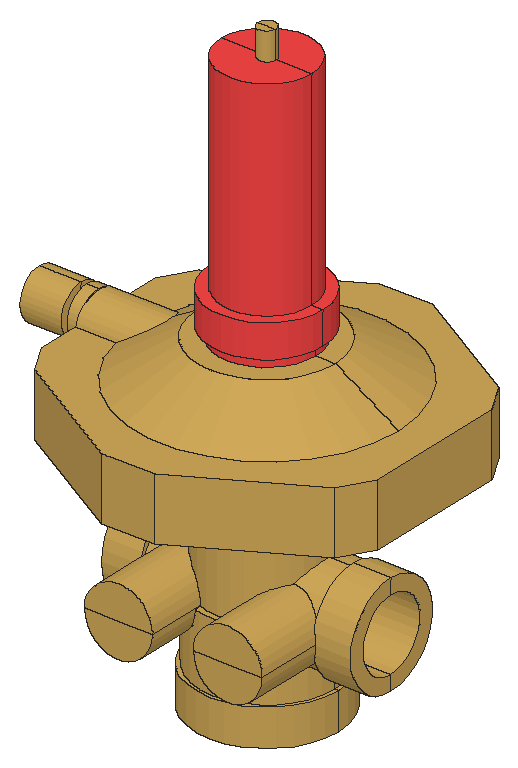
Revit family "Differenzdruckregler 4202 45-80kPa", category Rohrzubehör, Revit 2021
Family settings
  Bemaßung runder Anschluss = Durchmesser verwenden
  Teiletyp = Unterbricht
  OmniClass-Nummer = 23.65.55.14
  OmniClass-Titel = Valves for Liquid Services
  Arbeitsebenenbasiert = Nein
  Immer vertikal = Ja
  Beim Laden mit Abzugskörper schneiden = Nein
  Gemeinsam genutzt = Nein
Parameters (values of type "Ohne Dämmung")
  y2 [instance] = K14 + K9 + H01  # 49.149 mm
  y1 [instance] = (R03 * 2) + R05  # 66.000 mm
  Vorgabe-Ansicht = 0.000 mm
  PN = 25  # constant formula
  Min. Betriebstemperatur (Frostschutz) = -20 °C  # constant formula
  Max. zulässige Betriebstemperatur bis DN32 = 130 °C  # constant formula
  Max. zulässige Betriebstemperatur DN40 - DN50 = 110 °C  # constant formula
  Max. Differenzdruck am Gehäuse = 400000.0 Pa  # constant formula
  Max. Betriebsdruck = 25.0 Pa  # constant formula
  Ventilschaft = "Edelstahl 14301"  # constant formula
  URL = "www.herz-armaturen.at"
  SCRNSEQ = "ARM;ARM_TYP=\"DIFR\";2"
  SCRNCODE = "05;03;4"  # constant formula
  S06 [instance] = 1.000 mm  # constant formula
  S05 [instance] = S01 - 1.000 mm  # 16.250 mm
  S04 [instance] = S02 - 1.000 mm  # 18.000 mm
  S03 [instance] = size_lookup("4202 45-80kPa", "S03", 26.500 mm, Nennweite)  # 25.600 mm
  S02 [instance] = size_lookup("4202 45-80kPa", "S02", 19.000 mm, Nennweite)  # 19.000 mm
  S01 [instance] = size_lookup("4202 45-80kPa", "S01", 17.250 mm, Nennweite)  # 17.250 mm
  Regleranschlussmutter = "Messing CW614N"  # constant formula
  Regelbereich = "45 - 80kPa"  # constant formula
  R06 [instance] = size_lookup("4202 45-80kPa", "R06", 14.500 mm, Nennweite)  # 14.500 mm
  R05 [instance] = size_lookup("4202 45-80kPa", "R05", 46.000 mm, Nennweite)  # 46.000 mm
  R04 [instance] = size_lookup("4202 45-80kPa", "R04", 12.500 mm, Nennweite)  # 12.500 mm
  R03 [instance] = size_lookup("4202 45-80kPa", "R03", 10.000 mm, Nennweite)  # 10.000 mm
  R02 = 14.500 mm  # constant formula
  R01 [instance] = size_lookup("4202 45-80kPa", "R01", 12.500 mm, Nennweite)  # 12.500 mm
  Min. Betriebstemperatur (reines Wasser) = 2 °C  # constant formula
  O-Ringe = "EPDM"  # constant formula
  Nennweite [instance] = 15.000 mm
  Membrangehäuse = "Messing CW602N"  # constant formula
  Membrane = "EPDM"  # constant formula
  Medium = "Wasserbeschaffenheit nach ÖNORM H 5195 und VDI 2035\r\nDie Verwendung von Ethylen- und Propylenglykol ist im\r\nMischungsverhältnis 25 - 50 Vol.-% zulässig."
  L2 [instance] = size_lookup("4202 45-80kPa", "L2", 161.000 mm, Nennweite)  # 161.000 mm
  L [instance] = size_lookup("4202 45-80kPa", "L", 66.000 mm, Nennweite)  # 66.000 mm
  K9 = 4.000 mm  # constant formula
  K8 = 55.000 mm  # constant formula
  K7 = 8.700 mm  # constant formula
  K6 = 11.700 mm  # constant formula
  K5 = 13.000 mm  # constant formula
  K4 = 12.000 mm  # constant formula
  K3 = 15.000 mm  # constant formula
  K2 = 2.350 mm  # constant formula
  K18 = 89.000 mm  # constant formula
  K17 = 66.700 mm  # constant formula
  K16 = 3.000 mm  # constant formula
  K15 = 26.649 mm  # constant formula
  K14 = 16.649 mm  # constant formula
  K13 = 16.649 mm  # constant formula
  K12 = 10.000 mm  # constant formula
  K11 = 35.000 mm  # constant formula
  K10 = 18.250 mm  # constant formula
  K1.1 = 2.350 mm  # constant formula
  K1 = 7.651 mm  # constant formula
  J9 = 15.700 mm  # constant formula
  J8 = 7.850 mm  # constant formula
  J7 = 15.897 mm  # constant formula
  J6 = 3.900 mm  # constant formula
  J5 = 6.500 mm  # constant formula
  J4 = 1.500 mm  # constant formula
  J3 = 3.200 mm  # constant formula
  J2 = 11.000 mm  # constant formula
  J11 = 3.500 mm  # constant formula
  J10 = 18.897 mm  # constant formula
  J1 = 6.500 mm  # constant formula
  Hersteller = "HERZ-Armaturen Ges.m.b.H"  # constant formula
  H2 [instance] = size_lookup("4202 45-80kPa", "H2", 28.000 mm, Nennweite)  # 28.000 mm
  H1 [instance] = K1 + K2 + K3 + K4 + K5 + K7 + K8 + K16 + 16.650 mm  # 133.351 mm
  H04 = 4.000 mm  # constant formula
  H03 = 9.800 mm  # constant formula
  H02 [instance] = size_lookup("4202 45-80kPa", "H02", 53.000 mm, Nennweite)  # 53.000 mm
  H01 [instance] = size_lookup("4202 45-80kPa", "H01", 25.000 mm, Nennweite)  # 28.500 mm
  Gehäuse = "DZR Messing CC770S"  # constant formula
  G03 [instance] = size_lookup("4202 45-80kPa", "G03", 13.200 mm, Nennweite)  # 13.200 mm
  G02 [instance] = size_lookup("4202 45-80kPa", "G02", 9.500 mm, Nennweite)  # 9.500 mm
  G01 [instance] = size_lookup("4202 45-80kPa", "G01", 13.500 mm, Nennweite)  # 13.500 mm
  Einstellspindel = "Messing CW614N"  # constant formula
  Hinweise zum Material = "Gemäß Art 33 der REACH-Verordnung (EG Nr. 1907/2006) sind wir verpflichtet, darauf hinzuweisen,\r\ndass der Stoff Blei auf der SVHC-Liste geführt wird und dass alle aus Messing bestehenden Bauteile,\r\ndie in unseren Erzeugnissen verarbeitet sind, mehr als 0,1 % (w/w) Blei (CAS: 7439-92-1 / EINECS:\r\n231-100-4) enthalten. Da Blei als Legierungsbestandteil fest gebunden ist, sind keine Expositionen zu\r\nerwarten und daher sind keine zusätzlichen Angaben zur sicheren Verwendung notwendig.\r\n\r\nIm Hanf enthaltenes Ammoniak schädigt\r\nMessingventilgehäuse, EPDM Dichtungen werden durch\r\nMineralöle bzw. mineralölhaltige Schmierstoffe aufgequollen\r\nund führen somit zum Ausfall der EPDM-Dichtungen. Für\r\nFrost- und Korrosionsschutzmittel auf der Basis von Ethylen- und Propylenglykol sind die entsprechenden\r\nAngaben den Unterlagen des Herstellers zu entnehmen."
  Dämmung = no
  Dämmschale = "EPP (expandiertes Polypropylen)"  # constant formula
  Druckfeder = "Federstahl 14310 NS"  # constant formula
  DN50 [instance] = Nennweite = 50.000 mm  # no
  DN40 [instance] = Nennweite = 40.000 mm  # no
  DN32-40 [instance] = or(Nennweite = 32.000 mm, Nennweite = 40.000 mm)  # no
  DN32 [instance] = Nennweite = 32.000 mm  # no
  DN25,32,40 [instance] = or(Nennweite = 25.000 mm, Nennweite = 32.000 mm, Nennweite = 40.000 mm)  # no
  DN25 [instance] = Nennweite = 25.000 mm  # no
  DN20 [instance] = Nennweite = 20.000 mm  # no
  DN15-25 [instance] = or(Nennweite = 15.000 mm, Nennweite = 20.000 mm, Nennweite = 25.000 mm)  # yes
  DN15,20,50 [instance] = or(Nennweite = 15.000 mm, Nennweite = 20.000 mm, Nennweite = 50.000 mm)  # yes
  DN15 [instance] = Nennweite = 15.000 mm  # yes
  D07 [instance] = if(Nennweite = 15.000 mm, 32.500 mm, if(Nennweite = 20.000 mm, 33.500 mm, if(Nennweite = 25.000 mm, 33.500 mm, if(Nennweite = 32.000 mm, 49.500 mm, if(Nennweite = 40.000 mm, 59.500 mm, if(Nennweite = 50.000 mm, 59.500 mm, 0.000 mm))))))  # 32.500 mm
  D06 [instance] = if(Nennweite = 15.000 mm, 32.500 mm, if(Nennweite = 20.000 mm, 33.500 mm, if(Nennweite = 25.000 mm, 33.500 mm, if(Nennweite = 32.000 mm, 49.500 mm, if(Nennweite = 40.000 mm, 59.500 mm, if(Nennweite = 50.000 mm, 59.500 mm, 0.000 mm))))))  # 32.500 mm
  D05 [instance] = if(Nennweite = 15.000 mm, 36.750 mm, if(Nennweite = 20.000 mm, 40.700 mm, if(Nennweite = 25.000 mm, 49.200 mm, if(Nennweite = 32.000 mm, 54.150 mm, if(Nennweite = 40.000 mm, 60.750 mm, if(Nennweite = 50.000 mm, 72.700 mm, 0.000 mm))))))  # 36.750 mm
  D04 [instance] = if(Nennweite = 15.000 mm, 78.500 mm, if(Nennweite = 20.000 mm, 82.000 mm, if(Nennweite = 25.000 mm, 84.000 mm, if(Nennweite = 32.000 mm, 120.000 mm, if(Nennweite = 40.000 mm, 130.000 mm, if(Nennweite = 50.000 mm, 130.500 mm, 0.000 mm))))))  # 78.500 mm
  D03 [instance] = if(Nennweite = 15.000 mm, 96.000 mm, if(Nennweite = 20.000 mm, 110.000 mm, if(Nennweite = 25.000 mm, 112.000 mm, if(Nennweite = 32.000 mm, 152.000 mm, if(Nennweite = 40.000 mm, 170.000 mm, if(Nennweite = 50.000 mm, 179.000 mm, 0.000 mm))))))  # 96.000 mm
  D02 [instance] = size_lookup("4202 45-80kPa", "R05", 41.000 mm, Nennweite)  # 46.000 mm
  D01 [instance] = size_lookup("4202 45-80kPa", "G01", 13.220 mm, Nennweite)  # 13.500 mm
  Bestellnummer Dämmung [instance] = if(and(Dämmung, Nennweite = 15.000 mm), 1409611, if(and(Dämmung, Nennweite = 20.000 mm), 1409612, if(and(Dämmung, Nennweite = 25.000 mm), 1409613, if(and(Dämmung, Nennweite = 32.000 mm), 1409614, if(and(Dämmung, Nennweite = 40.000 mm), 1409615, if(and(Dämmung, Nennweite = 50.000 mm), 1409616, 0))))))  # 0
  Bestellnummer [instance] = if(Nennweite = 15.000 mm, 1420271, if(Nennweite = 20.000 mm, 1420272, if(Nennweite = 25.000 mm, 1420273, if(Nennweite = 32.000 mm, 1420274, if(Nennweite = 40.000 mm, 1420275, if(Nennweite = 50.000 mm, 1420276, 0))))))  # 1420271
  B2 [instance] = size_lookup("4202 45-80kPa", "B2", 31.000 mm, Nennweite)  # 31.000 mm
  B1 [instance] = size_lookup("4202 45-80kPa", "B1", 26.000 mm, Nennweite)  # 26.000 mm
  B04 = 100.649 mm  # constant formula
  B03 = 44.500 mm  # constant formula
  B02 = 104.688 mm  # constant formula
  B01 = 10.000 mm  # constant formula
  Anzeigehülse = "Kunststoff (Rot)"  # constant formula
  Anwendungsgebiet = "Der Differenzdruckregler ist ein Regler mit linearer Kennlinie in Geradsitzausführung und arbeitet ohne\r\nHilfsenergie. Der gewünschte Differenzdruck-Sollwert kann zwischen 5 und 30 kPa; 25 und 60 kPa bzw.\r\n45 und 80 kPa stufenlos eingestellt werden. Der eingestellte Wert ist mit Hilfe des Einstelldiagrammes\r\nablesbar. Werksseitig ist der Sollwert auf Minimum eingestellt. Der erforderliche Sollwert wird mit dem\r\nEinstellwerkzeug (1 4006 02) eingestellt. Im Lieferumfang enthalten ist die Impulsleitung (1000 mm),\r\ndiese ist im Vorlauf einzubinden."
  Anschlussnippel = "Messing CW602N"  # constant formula
Types (2, lengths in mm): name | Dämmung | Bestellnummer Dämmung
  Ohne Dämmung | no | 0
  Mit Dämmung | yes | 1409611
Reference planes
  plane 1 "Mitte (Vorne/hinten)": y = 0
  plane 2: z = 0
  plane 3 "Mitte (Links/rechts)": x = 0
Forms (mm)
  Revolve 1, solid, material "Messing, weicher Gelbton, geschweißt", detail levels fine
    sketch origin (0, 0, 0) x (1, 0, 0) y (0, 0, 1)
      loop
        line (-19.8, 0) -> (19.8, 0) -> (19.8, 9.5) -> (33, 9.5) -> (33, 13.5) -> (23, 13.5) -> (23, 12.5) -> (-23, 12.5) -> (-23, 13.5) -> (-33, 13.5) -> (-33, 9.5) -> (-19.8, 9.5) -> (-19.8, 0)
      axis (-33, 0) -> (33, 0)
    angle from 0 to 360
  Revolve 2, solid, material "Messing, weicher Gelbton, geschweißt", detail levels fine
    sketch origin (0, 0, 0) x (1, 0, 0) y (0, 0, 1)
      loop
        line (0, -28) -> (0, 0) -> (-18, 0) -> (-18, -18.2) -> (-19, -18.2) -> (-19, -28) -> (0, -28)
      axis (0, 0) -> (0, -28)
    angle from 0 to 360
  Extrusion 3, solid, material "Messing, weicher Gelbton, geschweißt", detail levels fine
    sketch origin (0, 0, 0) x (0, -1, 0) y (1, 0, 0)
      loop
        line (-46, -7.038) -> (-27.114, -39.75) -> (-18.886, -44.5) -> (18.886, -44.5) -> (27.114, -39.75) -> (46, -7.038) -> (46, 7.038) -> (27.114, 39.75) -> (18.886, 44.5) -> (-18.886, 44.5) -> (-27.114, 39.75) -> (-46, 7.038) -> (-46, -7.038)
    from 32.5 to 49.149
  Revolve 4, solid, material "Messing, weicher Gelbton, geschweißt", detail levels fine
    sketch origin (0, 0, -7.051) x (1, 0, 0) y (0, 0, 1)
      loop
        line (0, 56.2) -> (0, 66.2) -> (-18.25, 66.2) -> (-35, 56.2) -> (0, 56.2)
      axis (0, 66.2) -> (0, 56.2)
    angle from 0 to 360
  Revolve 5, solid, material "Messing, weicher Gelbton, geschweißt", visible <- "DN15-25", detail levels fine
    sketch origin (-11, 0, 0) x (1, 0, 0) y (0, 1, 0)
      loop
        line (-1.5, 26) -> (-9.2, 26) -> (-9.2, 0) -> (-1.5, 0) -> (-1.5, 26)
      axis (-1.5, 0) -> (-1.5, 26)
    angle from 0 to 360
  Revolve 6, solid, material "Messing, weicher Gelbton, geschweißt", visible <- "DN15,20,50", detail levels fine
    sketch origin (-0.988, 0, -6.853) x (-1, 0, 0) y (0, 0, 1)
      loop
        line (43.5, 55.25) -> (59.2, 55.25) -> (59.2, 61.75) -> (48.2, 61.75) -> (48.2, 59.15) -> (46.7, 59.15) -> (46.7, 61.75) -> (43.5, 61.75) -> (43.5, 55.25)
      axis (43.5, 55.25) -> (59.2, 55.25)
    angle from 0 to 360
  Extrusion 7, solid, material "Messing, weicher Gelbton, geschweißt", visible <- "DN15,20,50", detail levels fine
    sketch origin (0, 0, 0) x (0, 1, 0) y (0, 0, -1)
      loop
        line (7.85, -47.047) -> (7.85, -36) -> (-7.85, -36) -> (-7.85, -47.047)
        arc (-7.85, -47.047) -> (0, -54.897) -> (7.85, -47.047) r 7.85
    from 0 to 44.5
  Revolve 8, solid, material "Kunsstoff rot", detail levels fine
    sketch origin (0, 0, 0) x (1, 0, 0) y (0, 0, 1)
      loop
        line (-12, 125.849) -> (-12, 70.849) -> (-15, 70.849) -> (-15, 62.149) -> (-13, 62.149) -> (-13, 59.149) -> (0, 59.149) -> (0, 125.849) -> (-12, 125.849)
      axis (0, 125.849) -> (0, 59.149)
    angle from 0 to 360
  Revolve 9, solid, material "Messing, weicher Gelbton, geschweißt", visible <- "DN15-25", detail levels fine
    sketch origin (-2, 0, 0) x (1, 0, 0) y (0, 1, 0)
      loop
        line (-12.5, 0) -> (-21.5, 0) -> (-21.5, -31) -> (-12.5, -31) -> (-12.5, 0)
      axis (-12.5, 0) -> (-12.5, -31)
    angle from 0 to 360
  Revolve 10, solid, material "Messing, weicher Gelbton, geschweißt", visible <- "DN15-25", detail levels fine
    sketch origin (2, 0, 0) x (1, 0, 0) y (0, 1, 0)
      loop
        line (12.5, 0) -> (12.5, -31) -> (21.6, -31) -> (21.6, 0) -> (12.5, 0)
      axis (12.5, 0) -> (12.5, -31)
    angle from 0 to 360
  Extrusion 11, solid, material "Messing, weicher Gelbton, geschweißt", visible <- "DN32", detail levels fine
    sketch origin (-31.5, 0, 0) x (1, 0, 0) y (0, 1, 0)
      loop
        circle (63, 0) r 6.578
      loop
        circle (63, 0) r 3.28
    from -47 to 0
  Extrusion 12, solid, material "Messing, weicher Gelbton, geschweißt", visible <- "DN32", detail levels fine
    sketch origin (31.5, 0, 0) x (-1, 0, 0) y (0, -1, 0)
      loop
        circle (63, 0) r 6.578
      loop
        circle (63, 0) r 3.28
    from -47 to 0
  Revolve 13, solid, material "Messing, weicher Gelbton, geschweißt", detail levels fine
    sketch origin (0, 0, 0) x (1, 0, 0) y (0, 0, 1)
      loop
        line (-16.25, 0) -> (0, 0) -> (0, 32.5) -> (-12.25, 32.5) -> (-12.25, 28.5) -> (-17.25, 28.5) -> (-17.25, 18.7) -> (-16.25, 18.7) -> (-16.25, 0)
      axis (0, 32.5) -> (0, 0)
    angle from 0 to 360
  Extrusion 14, solid, material "Messing, weicher Gelbton, geschweißt", visible <- "DN40", detail levels fine
    sketch origin (29.382, 0, 0) x (-1, 0, 0) y (0, -1, 0)
      loop
        circle (63, 0) r 6.578
      loop
        circle (63, 0) r 3.28
    from -58 to 0
  Extrusion 15, solid, material "Messing, weicher Gelbton, geschweißt", visible <- "DN40", detail levels fine
    sketch origin (-29.455, 0, 0) x (1, 0, 0) y (0, 1, 0)
      loop
        circle (63, 0) r 6.578
      loop
        circle (63, 0) r 3.28
    from -58 to 0
  Extrusion 16, solid, material "Messing, weicher Gelbton, geschweißt", visible <- "DN50", detail levels fine
    sketch origin (28.422, 0, 0) x (-1, 0, 0) y (0, -1, 0)
      loop
        circle (63, 0) r 6.578
      loop
        circle (63, 0) r 3.28
    from -58 to 0
  Extrusion 17, solid, material "Messing, weicher Gelbton, geschweißt", visible <- "DN50", detail levels fine
    sketch origin (-28.422, 0, 0) x (1, 0, 0) y (0, 1, 0)
      loop
        circle (63, 0) r 6.578
      loop
        circle (63, 0) r 3.28
    from -58 to 0
  Revolve 18, solid, material "Messing, weicher Gelbton, geschweißt", detail levels fine
    sketch origin (0, 0, 0) x (1, 0, 0) y (0, 0, 1)
      loop
        line (-2.35, 125.349) -> (0, 125.349) -> (0, 133) -> (-2.35, 133) -> (-2.35, 125.349)
      axis (0, 133) -> (0, 125.349)
    angle from 0 to 360
  Revolve 19, solid, material "Messing, weicher Gelbton, geschweißt", visible <- "DN32-40", detail levels fine
    sketch origin (-11, 0, 0) x (1, 0, 0) y (0, 1, 0)
      loop
        line (-1.5, -26) -> (-1.5, 0) -> (-9.2, 0) -> (-9.2, -26) -> (-1.5, -26)
      axis (-1.5, 0) -> (-1.5, -26)
    angle from 0 to 360
  Revolve 20, solid, material "Messing, weicher Gelbton, geschweißt", visible <- "DN25,32,40", detail levels fine
    sketch origin (0.988, 0, 20.147) x (1, 0, 0) y (0, 0, 1)
      loop
        line (43.5, 28.25) -> (59.2, 28.25) -> (59.2, 34.75) -> (48.2, 34.75) -> (48.2, 32.15) -> (46.7, 32.15) -> (46.7, 34.75) -> (43.5, 34.75) -> (43.5, 28.25)
      axis (43.5, 28.25) -> (59.2, 28.25)
    angle from 0 to 360
  Extrusion 21, solid, material "Messing, weicher Gelbton, geschweißt", visible <- "DN25", detail levels fine
    sketch origin (0, 0, 0) x (0, 1, 0) y (0, 0, 1)
      loop
        arc (7.85, 48.047) -> (0, 55.897) -> (-7.85, 48.047) r 7.85
        line (-7.85, 48.047) -> (-7.85, 37) -> (7.85, 37) -> (7.85, 48.047)
    from 0 to 44.5
  Extrusion 22, solid, material "Messing, weicher Gelbton, geschweißt", visible <- "DN32", detail levels fine
    sketch origin (0, 0, 0) x (0, 1, 0) y (0, 0, 1)
      loop
        arc (7.85, 64.047) -> (0, 71.897) -> (-7.85, 64.047) r 7.85
        line (-7.85, 64.047) -> (-7.85, 53) -> (7.85, 53) -> (7.85, 64.047)
    from 0 to 44.5
  Extrusion 23, solid, material "Messing, weicher Gelbton, geschweißt", visible <- "DN40", detail levels fine
    sketch origin (0, 0, 0) x (0, 1, 0) y (0, 0, 1)
      loop
        arc (7.85, 74.047) -> (0, 81.897) -> (-7.85, 74.047) r 7.85
        line (-7.85, 74.047) -> (-7.85, 63) -> (7.85, 63) -> (7.85, 74.047)
    from 0 to 44.5
  Revolve 24, solid, material "Kunststoff-Anthrazit/Schwarz", visible <- "Dämmung"
    sketch origin (0, 0, 0) x (1, 0, 0) y (0, 0, 1)
      loop
        line (0, -46) -> (36.75, -46) -> (36.75, 32.5) -> (0, 32.5) -> (0, -46)
      axis (0, 32.5) -> (0, -46)
    angle from 0 to 360
  Revolve 25, solid, material "Kunststoff-Anthrazit/Schwarz", visible <- "Dämmung"
    sketch origin (0, 0, 0) x (1, 0, 0) y (0, 0, 1)
      loop
        line (48, 32.5) -> (-48, 32.5) -> (-48, 13.5) -> (-23, 13.5) -> (-23, 0) -> (0, 0) -> (23, 0) -> (23, 13.5) -> (48, 13.5) -> (48, 32.5)
      axis (-48, 0) -> (48, 0)
    angle from 0 to 360
Lines and regions (mm)
  model lines, detail levels coarse+medium
    curve 1: line (33, -13.5, 0) -> (33, 13.5, 0)
    curve 2: line (33, 13.5, 0) -> (-33, -13.5, 0)
    curve 3: line (-33, -13.5, 0) -> (-33, 13.5, 0)
    curve 4: line (-33, 13.5, 0) -> (33, -13.5, 0)
    curve 5: spline (-44.5, -40.824, 0) -> (-42.984, -38.67, 0) -> (-38.538, -36.662, 0) -> (-31.466, -34.938, 0) -> (-22.25, -33.615, 0) -> (-11.517, -32.784, 0) -> (0, -32.5, 0) -> (11.517, -32.784, 0) -> (22.25, -33.615, 0) -> (31.466, -34.938, 0) -> (38.538, -36.662, 0) -> (42.984, -38.67, 0) -> (44.5, -40.825, 0) -> (42.984, -42.979, 0) -> (38.538, -44.987, 0) -> (31.466, -46.711, 0) -> (22.25, -48.034, 0) -> (11.517, -48.865, 0) -> (0, -49.149, 0) -> (-11.517, -48.865, 0) -> (-22.25, -48.034, 0) -> (-31.466, -46.711, 0) -> (-38.538, -44.987, 0) -> (-42.984, -42.979, 0) -> (-44.5, -40.824, 0)
    curve 6: line (-33, 0, 13.5) -> (-33, 0, -13.5)
    curve 7: line (-33, 0, -13.5) -> (33, 0, 13.5)
    curve 8: line (33, 0, 13.5) -> (33, 0, -13.5)
    curve 9: line (33, 0, -13.5) -> (-33, 0, 13.5)
    curve 10: line (0, 0, 13.5) -> (0, 0, 32.5)
    curve 11: spline (-44.5, 0, 40.825) -> (-42.984, 0, 42.979) -> (-38.538, 0, 44.987) -> (-31.466, 0, 46.711) -> (-22.25, 0, 48.034) -> (-11.517, 0, 48.865) -> (0, 0, 49.149) -> (11.517, 0, 48.865) -> (22.25, 0, 48.034) -> (31.466, 0, 46.711) -> (38.538, 0, 44.987) -> (42.984, 0, 42.979) -> (44.5, 0, 40.824) -> (42.984, 0, 38.67) -> (38.538, 0, 36.662) -> (31.466, 0, 34.938) -> (22.25, 0, 33.615) -> (11.517, 0, 32.784) -> (0, 0, 32.5) -> (-11.517, 0, 32.784) -> (-22.25, 0, 33.615) -> (-31.466, 0, 34.938) -> (-38.538, 0, 36.662) -> (-42.984, 0, 38.67) -> (-44.5, 0, 40.825)
    curve 12: line (0, 0, 13.5) -> (16.5, 0, 6.75)
    curve 13: line (0, 0, 13.5) -> (-16.5, 0, 6.75)
    curve 14: line (33, 0, 0) -> (63, 0, 0)
    curve 15: line (-33, 0, 0) -> (-63, 0, 0)
    curve 16: line (0, -19, 0) -> (-16.5, -6.75, 0)
    curve 17: line (0, -19, 0) -> (16.5, -6.75, 0)
  model lines
    curve 18: line (0, -19, 0) -> (0, -32.5, 0)
Dimensions and locks
  "G01": Revolve 1 sketch curve to Revolve 1 sketch curve  (x2)
  "R01": Revolve 1 sketch curve to Revolve 1 sketch curve
  "R03": Revolve 1 sketch curve to Revolve 1 sketch curve  (x2)
  "K10": Revolve 4 sketch curve to Revolve 4 sketch curve
  "K11": Revolve 4 sketch curve to Revolve 4 sketch curve
  "B1": Revolve 5 sketch curve to Revolve 5 sketch curve
  "J1": Revolve 6 sketch curve to Revolve 6 sketch curve
  "J3": Revolve 6 sketch curve to Revolve 6 sketch curve
  "J4": Revolve 6 sketch curve to Revolve 6 sketch curve
  "J2": Revolve 6 sketch curve to Revolve 6 sketch curve
  "J5": Revolve 6 sketch curve to Revolve 6 sketch curve
  "J6": Revolve 6 sketch curve to Revolve 6 sketch curve
  "H2": plane 2 to Revolve 2 sketch curve
  "H03": Revolve 2 sketch curve to Revolve 2 sketch curve
  "S02": plane 3 "Mitte (Links/rechts)" to Revolve 2 sketch curve
  "B02": Revolve 6 to Extrusion 3
  "B03": Extrusion 3 to plane 3 "Mitte (Links/rechts)"
  "R04": Revolve 5 sketch curve to plane 3 "Mitte (Links/rechts)"
  "K4": Revolve 8 sketch curve to Revolve 8 sketch curve
  "K3": Revolve 8 sketch curve to Revolve 8 sketch curve
  "K7": Revolve 8 sketch curve to Revolve 8 sketch curve
  "K5": Revolve 8 sketch curve to Revolve 8 sketch curve
  "K8": Revolve 8 sketch curve to Revolve 8 sketch curve
  "K12": Revolve 4 sketch curve to Revolve 4 sketch curve
  "K13": Revolve 4 sketch curve to Extrusion 3
  "K14": Extrusion 3 to Extrusion 3
  "K16": Revolve 8 sketch curve to Revolve 8 sketch curve
  "K15": Revolve 8 to Extrusion 3
  "R05": Revolve 1 sketch curve to Revolve 1 sketch curve
  equal spacing: Revolve 1 sketch curve, plane 3 "Mitte (Links/rechts)", Revolve 1 sketch curve
  "B2": plane 1 "Mitte (Vorne/hinten)" to Revolve 9 sketch curve
  "B2": Revolve 10 sketch curve to plane 1 "Mitte (Vorne/hinten)"
  "R06": Revolve 9 sketch curve to plane 3 "Mitte (Links/rechts)"
  "R06": plane 3 "Mitte (Links/rechts)" to Revolve 10 sketch curve
  "S01": Revolve 13 sketch curve to plane 3 "Mitte (Links/rechts)"
  "S05": plane 3 "Mitte (Links/rechts)" to Revolve 13 sketch curve
  "H04": Revolve 13 sketch curve to Revolve 13 sketch curve
  "H03": Revolve 13 sketch curve to Revolve 13 sketch curve
  "H01": Revolve 13 sketch curve to plane 2
  "K9": Extrusion 3 to Revolve 13
  "S06": Revolve 2 sketch curve to Revolve 2 sketch curve
  "J7": Revolve 6 sketch curve to Extrusion 3
  "J9": Extrusion 7 sketch curve to Extrusion 7 sketch curve
  "J10": Revolve 6 to Extrusion 7 sketch curve
  "J11": Extrusion 7 sketch curve to Extrusion 3
  equal spacing: curve 6, curve 5, curve 8
  "K18": Extrusion 3 to Extrusion 3
  "G01": curve 9 to plane 2
  "G01": plane 2 to curve 7
  "G01": curve 8 to plane 2
  "G01": plane 2 to curve 9
  "K18": curve 11 to curve 11
  "G01": curve 13 to plane 2
  "K14": curve 11 to curve 11
  "y2": curve 11 to plane 2
  "G01": plane 1 "Mitte (Vorne/hinten)" to curve 4
  "G01": curve 3 to plane 1 "Mitte (Vorne/hinten)"
  equal spacing: curve 3, curve 11, curve 1
  equal spacing: curve 3, curve 17, curve 1
  "y1": curve 3 to curve 1
  "G01": plane 1 "Mitte (Vorne/hinten)" to curve 2
  "G01": curve 4 to plane 1 "Mitte (Vorne/hinten)"
  "K18": curve 5 to curve 5
  "K14": curve 5 to curve 5
  "y2": curve 5 to plane 1 "Mitte (Vorne/hinten)"
  "K1.1": plane 3 "Mitte (Links/rechts)" to Revolve 18 sketch curve
  "B1": Revolve 19 sketch curve to Revolve 19 sketch curve
  "R04": Revolve 19 sketch curve to plane 3 "Mitte (Links/rechts)"
  "G02": Revolve 1 sketch curve to plane 2  (x2)
  "G03": Revolve 1 sketch curve to Revolve 1 sketch curve  (x2)
  Revolve 1 sketch curve to Revolve 1 sketch curve = 66.000 mm
  Revolve 1 to Revolve 1 = 66.000 mm
  "L2": Revolve 18 to Revolve 2
  "J1": Revolve 20 sketch curve to Revolve 20 sketch curve
  "J3": Revolve 20 sketch curve to Revolve 20 sketch curve
  "J4": Revolve 20 sketch curve to Revolve 20 sketch curve
  "J2": Revolve 20 sketch curve to Revolve 20 sketch curve
  "J5": Revolve 20 sketch curve to Revolve 20 sketch curve
  "J6": Revolve 20 sketch curve to Revolve 20 sketch curve
  "J7": Revolve 20 sketch curve to Extrusion 3
  "J9": Extrusion 21 sketch curve to Extrusion 21 sketch curve
  "J9": Extrusion 22 sketch curve to Extrusion 22 sketch curve
  "J9": Extrusion 23 sketch curve to Extrusion 23 sketch curve
  "L": curve 6 to curve 8
  equal spacing: Revolve 1, curve 13, plane 3 "Mitte (Links/rechts)"
  equal spacing: plane 3 "Mitte (Links/rechts)", curve 12, Revolve 1
  equal spacing: curve 3, curve 16, plane 3 "Mitte (Links/rechts)"
  equal spacing: plane 3 "Mitte (Links/rechts)", curve 17, curve 1
  "D06": Revolve 24 sketch curve to plane 2
  "D05": Revolve 24 sketch curve to Revolve 24 sketch curve
  "D04": Revolve 24 sketch curve to Revolve 24 sketch curve
  "D07": Revolve 25 sketch curve to plane 2
  "D01": Revolve 25 sketch curve to plane 2  (x2)
  "D03": Revolve 25 sketch curve to Revolve 25 sketch curve
  "D02": Revolve 25 sketch curve to Revolve 25 sketch curve
  equal spacing: Revolve 25 sketch curve, plane 3 "Mitte (Links/rechts)", Revolve 25 sketch curve  (x2)
  "J8": radius of Extrusion 7 sketch curve
  "J8": radius of Extrusion 21 sketch curve
  "J8": radius of Extrusion 22 sketch curve
  "J8": radius of Extrusion 23 sketch curve
  aligned and locked: level to plane 2
Automatic sketch dimensions
  plane 3 "Mitte (Links/rechts)" to Extrusion 3 sketch curve = 7.038 mm  (x2)
  Extrusion 3 sketch curve to plane 1 "Mitte (Vorne/hinten)" = 46.000 mm
  Extrusion 3 sketch curve to plane 1 "Mitte (Vorne/hinten)" = 27.114 mm  (x2)
  Extrusion 3 sketch curve to Extrusion 3 sketch curve = 8.227 mm  (x4)
  plane 1 "Mitte (Vorne/hinten)" to Extrusion 3 sketch curve = 18.886 mm  (x2)
  Extrusion 3 sketch curve to Extrusion 3 sketch curve = 18.886 mm
  Extrusion 3 sketch curve to plane 3 "Mitte (Links/rechts)" = 7.038 mm  (x2)
  Extrusion 3 sketch curve to Extrusion 3 sketch curve = 32.712 mm  (x4)
  Extrusion 3 sketch curve to Extrusion 3 sketch curve = 4.750 mm  (x2)
  Extrusion 11 sketch curve to Extrusion 11 sketch curve = 0.000 mm  (x2)
  plane 1 "Mitte (Vorne/hinten)" to Extrusion 11 sketch curve = 0.000 mm
  plane 3 "Mitte (Links/rechts)" to Extrusion 11 sketch curve = 31.500 mm
  Extrusion 12 sketch curve to Extrusion 12 sketch curve = 0.000 mm  (x2)
  plane 1 "Mitte (Vorne/hinten)" to Extrusion 12 sketch curve = 0.000 mm
  plane 3 "Mitte (Links/rechts)" to Extrusion 12 sketch curve = 31.500 mm
  Extrusion 14 sketch curve to Extrusion 14 sketch curve = 0.000 mm  (x2)
  plane 1 "Mitte (Vorne/hinten)" to Extrusion 14 sketch curve = 0.000 mm
  plane 3 "Mitte (Links/rechts)" to Extrusion 14 sketch curve = 33.618 mm
  Extrusion 15 sketch curve to Extrusion 15 sketch curve = 0.000 mm  (x2)
  plane 1 "Mitte (Vorne/hinten)" to Extrusion 15 sketch curve = 0.000 mm
  plane 3 "Mitte (Links/rechts)" to Extrusion 15 sketch curve = 33.545 mm
  Extrusion 16 sketch curve to Extrusion 16 sketch curve = 0.000 mm  (x2)
  plane 1 "Mitte (Vorne/hinten)" to Extrusion 16 sketch curve = 0.000 mm
  plane 3 "Mitte (Links/rechts)" to Extrusion 16 sketch curve = 34.578 mm
  Extrusion 17 sketch curve to Extrusion 17 sketch curve = 0.000 mm  (x2)
  plane 1 "Mitte (Vorne/hinten)" to Extrusion 17 sketch curve = 0.000 mm
  plane 3 "Mitte (Links/rechts)" to Extrusion 17 sketch curve = 34.578 mm
  curve 15 to level = 0.000 mm
  curve 10 to plane 3 "Mitte (Links/rechts)" = 0.000 mm
  curve 11 to plane 3 "Mitte (Links/rechts)" = 0.000 mm
  curve 14 to level = 0.000 mm
  curve 15 to curve 15 = 30.000 mm
  curve 14 to curve 14 = 30.000 mm
  curve 18 to plane 3 "Mitte (Links/rechts)" = 0.000 mm
  curve 5 to plane 3 "Mitte (Links/rechts)" = 0.000 mm
  curve 18 to curve 17 = 13.500 mm
  Revolve 1 sketch curve to level = 0.000 mm  (x2)
  Revolve 1 sketch curve to Revolve 1 sketch curve = 1473.530 mm
  Revolve 1 sketch curve to Revolve 1 sketch curve = 1806.148 mm
  Revolve 2 sketch curve to level = 0.000 mm
  Revolve 2 sketch curve to plane 3 "Mitte (Links/rechts)" = 0.000 mm  (x2)
  Revolve 2 sketch curve to Revolve 2 sketch curve = 1.000 mm
  Revolve 2 sketch curve to Revolve 2 sketch curve = 334.045 mm
  level to Revolve 2 sketch curve = 2218.015 mm
  Revolve 4 sketch curve to plane 3 "Mitte (Links/rechts)" = 0.000 mm  (x2)
  Revolve 4 sketch curve to level = 373.096 mm
  Revolve 4 sketch curve to Revolve 4 sketch curve = 2155.315 mm
  plane 1 "Mitte (Vorne/hinten)" to Revolve 5 sketch curve = 0.000 mm  (x2)
  Revolve 5 sketch curve to Revolve 5 sketch curve = 0.000 mm  (x2)
  Revolve 5 sketch curve to Revolve 5 sketch curve = 7.700 mm
  plane 3 "Mitte (Links/rechts)" to Revolve 6 sketch curve = 44.488 mm
  Revolve 6 sketch curve to Revolve 6 sketch curve = 0.000 mm  (x3)
  Extrusion 7 sketch curve to plane 1 "Mitte (Vorne/hinten)" = 0.000 mm
  Extrusion 7 sketch curve to Extrusion 7 sketch curve = 11.047 mm
  Extrusion 7 sketch curve to Extrusion 7 sketch curve = 0.000 mm
  Revolve 8 sketch curve to plane 3 "Mitte (Links/rechts)" = 0.000 mm  (x2)
  level to Revolve 8 sketch curve = 59.149 mm
  Revolve 8 sketch curve to Revolve 8 sketch curve = 0.000 mm  (x2)
  plane 1 "Mitte (Vorne/hinten)" to Revolve 9 sketch curve = 0.000 mm  (x2)
  Revolve 9 sketch curve to Revolve 9 sketch curve = 9.000 mm
  Revolve 9 sketch curve to Revolve 9 sketch curve = 0.000 mm  (x2)
  plane 1 "Mitte (Vorne/hinten)" to Revolve 10 sketch curve = 0.000 mm  (x2)
  Revolve 10 sketch curve to Revolve 10 sketch curve = 9.100 mm
  Revolve 10 sketch curve to Revolve 10 sketch curve = 0.000 mm  (x2)
  Revolve 13 sketch curve to level = 0.000 mm  (x2)
  Revolve 13 sketch curve to plane 3 "Mitte (Links/rechts)" = 0.000 mm  (x2)
  Revolve 13 sketch curve to Revolve 13 sketch curve = 5.000 mm
  Revolve 13 sketch curve to Revolve 13 sketch curve = 0.000 mm
  Revolve 18 sketch curve to plane 3 "Mitte (Links/rechts)" = 0.000 mm  (x2)
  level to Revolve 18 sketch curve = 125.349 mm
  Revolve 18 sketch curve to Revolve 18 sketch curve = 7.651 mm
  Revolve 18 sketch curve to Revolve 18 sketch curve = 0.000 mm  (x2)
  plane 1 "Mitte (Vorne/hinten)" to Revolve 19 sketch curve = 0.000 mm  (x2)
  Revolve 19 sketch curve to Revolve 19 sketch curve = 7.700 mm
  Revolve 19 sketch curve to Revolve 19 sketch curve = 0.000 mm  (x2)
  plane 3 "Mitte (Links/rechts)" to Revolve 20 sketch curve = 44.488 mm
  Revolve 20 sketch curve to Revolve 20 sketch curve = 0.000 mm  (x3)
  Extrusion 21 sketch curve to plane 1 "Mitte (Vorne/hinten)" = 0.000 mm
  level to Extrusion 21 sketch curve = 37.000 mm
  Extrusion 21 sketch curve to Extrusion 21 sketch curve = 11.047 mm
  Extrusion 21 sketch curve to Extrusion 21 sketch curve = 0.000 mm
  Extrusion 22 sketch curve to plane 1 "Mitte (Vorne/hinten)" = 0.000 mm
  level to Extrusion 22 sketch curve = 53.000 mm
  Extrusion 22 sketch curve to Extrusion 22 sketch curve = 11.047 mm
  Extrusion 22 sketch curve to Extrusion 22 sketch curve = 0.000 mm
  Extrusion 23 sketch curve to plane 1 "Mitte (Vorne/hinten)" = 0.000 mm
  level to Extrusion 23 sketch curve = 63.000 mm
  Extrusion 23 sketch curve to Extrusion 23 sketch curve = 11.047 mm
  Extrusion 23 sketch curve to Extrusion 23 sketch curve = 0.000 mm
  Revolve 24 sketch curve to plane 3 "Mitte (Links/rechts)" = 0.000 mm  (x2)
  Revolve 24 sketch curve to Revolve 24 sketch curve = 15.454 mm
  Revolve 24 sketch curve to Revolve 24 sketch curve = 0.000 mm
  Revolve 25 sketch curve to level = 0.000 mm  (x2)
  Revolve 25 sketch curve to plane 3 "Mitte (Links/rechts)" = 0.000 mm
  Revolve 25 sketch curve to Revolve 25 sketch curve = 0.000 mm  (x2)
  radius of Extrusion 11 sketch curve = 6.578 mm
  radius of Extrusion 11 sketch curve = 3.280 mm
  radius of Extrusion 12 sketch curve = 6.578 mm
  radius of Extrusion 12 sketch curve = 3.280 mm
  radius of Extrusion 14 sketch curve = 6.578 mm
  radius of Extrusion 14 sketch curve = 3.280 mm
  radius of Extrusion 15 sketch curve = 6.578 mm
  radius of Extrusion 15 sketch curve = 3.280 mm
  radius of Extrusion 16 sketch curve = 6.578 mm
  radius of Extrusion 16 sketch curve = 3.280 mm
  radius of Extrusion 17 sketch curve = 6.578 mm
  radius of Extrusion 17 sketch curve = 3.280 mm
Nested families
  nested 1: "Herz-Logo-vorne" at (-0.018, 17.815, -12.904) x (0, -1, 0) z (0, 0, 1), type "Herz-Logo-vorne", detail levels fine
  nested 2: "Herz-Logo-vorne" at (-0.018, 24.058, 0) x (0, -1, 0) z (0, 0, 1), visible <- "DN32", type "Herz-Logo-vorne", detail levels fine
  nested 3: "Herz-Logo-vorne" at (-0.018, 33.471, 0) x (0, -1, 0) z (0, 0, 1), visible <- "DN50", type "Herz-Logo-vorne", detail levels fine
  nested 4: "Herz-Logo-vorne" at (-0.018, 26.482, 0) x (0, -1, 0) z (0, 0, 1), visible <- "DN40", type "Herz-Logo-vorne", detail levels fine
Connectors
  piping at (33, 0, 0), diameter 15, driven by "Nennweite"
    settings: on Revolve 1, index 1, connector inside diameter 609.6 mm, connector length 0.000 mm, flow factor 0, pipe flow 0.0 L/s, pressure drop 0.0 Pa, fitting loss kfactor 0, connector angle 0.00°, fixture units 0, engagement length 0.000 mm, angle of deflection 0.00°, flow configuration 0, flow direction 2, fitting loss method 0, system type 29, joint type 0, gender type 0, connector reference index -1, connector utility 0, adjustable connector no, is connector primary yes, connector description ""
  piping at (-33, 0, 0), diameter 15, driven by "Nennweite"
    settings: on Revolve 1, index 2, connector inside diameter 609.6 mm, connector length 0.000 mm, flow factor 0, pipe flow 0.0 L/s, pressure drop 0.0 Pa, fitting loss kfactor 0, connector angle 0.00°, fixture units 0, engagement length 0.000 mm, angle of deflection 0.00°, flow configuration 0, flow direction 1, fitting loss method 0, system type 7, joint type 0, gender type 0, connector reference index -1, connector utility 0, adjustable connector no, is connector primary no, connector description ""
Definition of nested family "Herz-Logo-vorne"
  Parameters (values of type "Herz-Logo-vorne")
    Default Elevation = 0.000 mm
  Reference planes
    plane 1 "Mitte (Vorne/hinten)": y = 0
    plane 2: z = 0
    plane 3 "Mitte (Links/rechts)": x = 0
  Forms (mm)
    Extrusion 1, solid
      sketch origin (0.732, -0.018, 0.017) x (0, -1, 0) y (0, 0, 1)
        loop
          line (-0.018, -4.517) -> (4.482, -4.517) -> (4.482, 4.483) -> (-4.518, 4.483) -> (-4.518, -4.517) -> (-0.018, -4.517)
        loop
          line (-0.05, -3.48) -> (3.482, -3.48) -> (3.482, 3.483) -> (-3.518, 3.483) -> (-3.518, -3.48) -> (-0.05, -3.48)
        loop
          arc (-0.018, 2.383) -> (-1.543, 3.287) -> (-3.067, 2.383) r 1.738
          arc (-3.067, 2.383) -> (-3.191, 1.899) -> (-3.067, 1.415) r 1.009
          line (-3.067, 1.415) -> (-0.018, -3.281) -> (3.032, 1.415)
          arc (3.032, 1.415) -> (3.156, 1.899) -> (3.032, 2.383) r 1.009
          arc (3.032, 2.383) -> (1.507, 3.287) -> (-0.018, 2.383) r 1.738
        loop
          arc (1.885, 1.272) -> (2.005, 1.675) -> (1.885, 2.079) r 0.74
          arc (1.885, 2.079) -> (1.265, 2.416) -> (0.644, 2.079) r 0.74
          line (0.644, 2.079) -> (-0.018, 0.97) -> (-0.679, 2.079)
          arc (-0.679, 2.079) -> (-1.3, 2.416) -> (-1.921, 2.079) r 0.74
          arc (-1.921, 2.079) -> (-2.04, 1.675) -> (-1.921, 1.272) r 0.74
          line (-1.921, 1.272) -> (-0.018, -1.658) -> (1.885, 1.272)
      from 0 to 1.5
  Dimensions and locks
    aligned and locked: level to plane 2
